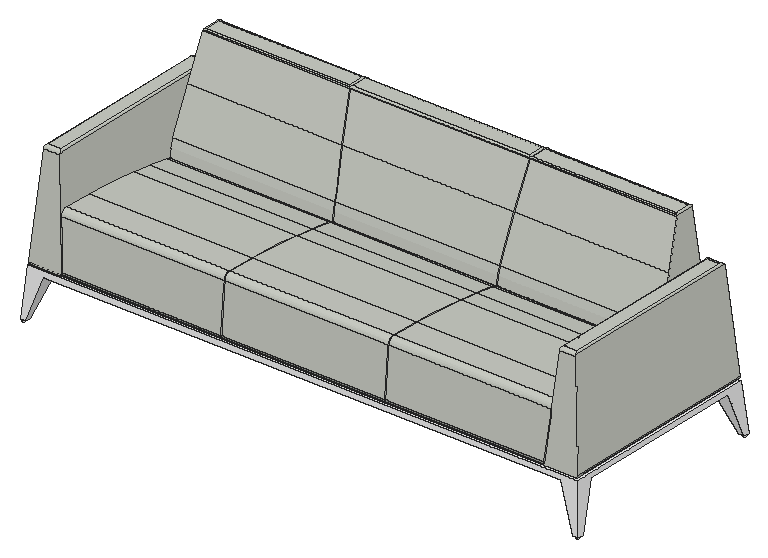
Revit family "Elan_VertexOne_Sofa_84", category Furniture, Revit 2012
Parameters
  Width = 7' - 0"  # constant formula
  URL = "http://elanbydecca.com/"
  Upholstery [instance] = Furniture - DECCA (Elan) - Vertex - Upholstery
  Base [instance] = Furniture - DECCA (Elan) - Vertex - Base
  Product URL = "http://elanbydecca.com/PDFs/elan_tearsheet-vertex.pdf"
  Model = "VT LS515"
  Manufacturer = "Decca Contract"
  Height = 2' - 6"  # constant formula
  Description = "Vertex One Sofa"
  Depth = 2' - 8"  # constant formula
  Assembly Description = "Furniture & Accessories"
  Assembly Code = "E2020200"
Reference planes (in)
  plane 1 "Center Front/Back": y = -0.7524
  plane 2: z = 0
  plane 3 "Center Left/Right": x = 0
  plane 4 "L": x = -42
  plane 5 "R": x = 42
  plane 6 "F": y = -16.7524
  plane 7: y = 15.2476
  plane 8: through (-6.25338, 2.33237, 23.38953) normal (0.4297, -0.4297, 0.7941)
  plane 9: z = 30
  plane 10: z = 16
  plane 11: x = -41.36862
  plane 12: x = -38.58452
  plane 13: x = -41.22423
  plane 14: x = 41.36862
  plane 15: x = 41.22423
  plane 16: z = 6.69972
  plane 17 "BT": z = 7.44949
  plane 18: z = 7.70022
  plane 19: x = -36.25435
  plane 20: x = 36.25435
  plane 21: z = 23.5
  plane 22: y = 14.61374
  plane 23: y = 14.47183
  plane 24: y = -16.11854
  plane 25: y = -15.97663
  plane 26: z = 0.19972
  plane 27: through (-15.22423, -180, 0.19694) normal (-0.9397, 0, 0.342)
  plane 28: through (0, 14.47183, 0.19694) normal (0, 0.9391, 0.3436)
  plane 29: y = 11.81791
  plane 30: y = -13.32271
  plane 31: x = 38.58452
  plane 32: through (0, 13.25934, 22.69446) normal (0, 0.9964, 0.0844)
  plane 33: through (0, -15.40972, 15.47123) normal (0, 0.9964, -0.0847)
  plane 34: through (-10.60194, -180, 18.93287) normal (0.996, 0, -0.0897)
  plane 35: through (10.60194, -180, 18.93287) normal (0.996, 0, 0.0897)
  plane 36: through (-10.60194, -180, 13.06713) normal (-0.996, 0, -0.0897)
  plane 37: through (10.60194, -180, 13.06713) normal (-0.996, 0, 0.0897)
  plane 38: z = 30
  plane 39: through (0, -14.08862, 10.99599) normal (0, 0.1045, 0.9945)
Forms (in)
  Blend 1, solid, material "Furniture - DECCA (Elan) - Vertex - Base" <- "Base"
    base sketch origin (0, 0, 8.32075) x (0, -1, 0) y (1, 0, 0)
      loop
        line (-15.2476, -42) -> (-14.47183, -42) -> (-14.47183, -41.22423) -> (-15.2476, -41.22423) -> (-15.2476, -42)
    top sketch origin (0, 0, 8.32075) x (0, -1, 0) y (1, 0, 0)
      loop
        line (-14.61374, -41.36862) -> (-11.81791, -41.36862) -> (-11.81791, -38.58452) -> (-14.61374, -38.58452) -> (-14.61374, -41.36862)
    from -8.12381 to -0.87126
  Blend 2, solid, material "Furniture - DECCA (Elan) - Vertex - Base" <- "Base"
    base sketch origin (0, -1.5048, 8.32075) x (0, -1, 0) y (1, 0, 0)
      loop
        line (15.2476, -42) -> (15.2476, -41.22423) -> (14.47183, -41.22423) -> (14.47183, -42) -> (15.2476, -42)
    top sketch origin (0, -1.5048, 8.32075) x (0, -1, 0) y (1, 0, 0)
      loop
        line (14.61374, -41.36862) -> (14.61374, -38.58452) -> (11.81791, -38.58452) -> (11.81791, -41.36862) -> (14.61374, -41.36862)
    from -8.12381 to -0.87126
  Blend 3, solid, material "Furniture - DECCA (Elan) - Vertex - Base" <- "Base"
    base sketch origin (0, -1.5048, 8.32075) x (0, 1, 0) y (-1, 0, 0)
      loop
        line (-15.2476, -42) -> (-14.47183, -42) -> (-14.47183, -41.22423) -> (-15.2476, -41.22423) -> (-15.2476, -42)
    top sketch origin (0, -1.5048, 8.32075) x (0, 1, 0) y (-1, 0, 0)
      loop
        line (-14.61374, -41.36862) -> (-11.81791, -41.36862) -> (-11.81791, -38.58452) -> (-14.61374, -38.58452) -> (-14.61374, -41.36862)
    from -8.12381 to -0.87126
  Blend 4, solid, material "Furniture - DECCA (Elan) - Vertex - Base" <- "Base"
    base sketch origin (0, 0, 8.32075) x (0, 1, 0) y (-1, 0, 0)
      loop
        line (15.2476, -42) -> (15.2476, -41.22423) -> (14.47183, -41.22423) -> (14.47183, -42) -> (15.2476, -42)
    top sketch origin (0, 0, 8.32075) x (0, 1, 0) y (-1, 0, 0)
      loop
        line (14.61374, -41.36862) -> (14.61374, -38.58452) -> (11.81791, -38.58452) -> (11.81791, -41.36862) -> (14.61374, -41.36862)
    from -8.12381 to -0.87126
  Extrusion 5, solid, material "Furniture - DECCA (Elan) - Vertex - Base" <- "Base"
    sketch origin (0, 0, 0) x (0, 1, 0) y (0, 0, 1)
      loop
        line (14.67927, 6.69972) -> (14.61374, 7.44949) -> (11.81791, 7.44949) -> (11.81791, 6.69972) -> (14.67927, 6.69972)
    from -41.36862 to 41.36862
  Extrusion 6, solid, material "Furniture - DECCA (Elan) - Vertex - Base" <- "Base"
    sketch origin (0, -1.5048, 0) x (0, -1, 0) y (0, 0, -1)
      loop
        line (14.67927, -6.69972) -> (11.81791, -6.69972) -> (11.81791, -7.44949) -> (14.61374, -7.44949) -> (14.67927, -6.69972)
    from -41.36862 to 41.36862
  Extrusion 7, solid, material "Furniture - DECCA (Elan) - Vertex - Base" <- "Base"
    sketch origin (0, -16.42176, 0) x (1, 0, 0) y (0, 0, -1)
      loop
        line (-41.43389, -6.69972) -> (-41.36862, -7.44949) -> (-38.58452, -7.44949) -> (-38.58452, -6.69972) -> (-41.43389, -6.69972)
      loop
        line (41.36862, -7.44949) -> (41.43389, -6.69972) -> (38.58452, -6.69972) -> (38.58452, -7.44949) -> (41.36862, -7.44949)
    from 0.30321 to 31.0355
  Extrusion 8, solid, material "Furniture - DECCA (Elan) - Vertex - Base" <- "Base"
    sketch origin (0, 0, 8.32075) x (0, -1, 0) y (1, 0, 0)
      loop
        circle (16.43547, 41.68431) r 0.25
      loop
        circle (16.43547, -41.68431) r 0.25
      loop
        circle (-14.93067, -41.68431) r 0.25
      loop
        circle (-14.93067, 41.68431) r 0.25
    from -8.32075 to -8.12102
  Extrusion 9, solid, material "Furniture - DECCA (Elan) - Vertex - Upholstery" <- "Upholstery"
    sketch origin (0, -16.42176, 0) x (1, 0, 0) y (0, 0, -1)
      loop
        line (-39.76398, -23.5) -> (-37.859, -23.5)
        arc (-37.859, -23.5) -> (-37.69006, -23.43428) -> (-37.60994, -23.27168) r 0.25
        line (-37.60994, -23.27168) -> (-36.278, -7.9719)
        arc (-36.278, -7.9719) -> (-36.34278, -7.78128) -> (-36.52706, -7.70022) r 0.25
        line (-36.52706, -7.70022) -> (-41.09591, -7.70022)
        arc (-41.09591, -7.70022) -> (-41.2802, -7.78128) -> (-41.34497, -7.9719) r 0.25
        line (-41.34497, -7.9719) -> (-40.01304, -23.27168)
        arc (-40.01304, -23.27168) -> (-39.93292, -23.43428) -> (-39.76398, -23.5) r 0.25
      loop
        line (36.278, -7.9719) -> (37.60994, -23.27168)
        arc (37.60994, -23.27168) -> (37.69006, -23.43428) -> (37.859, -23.5) r 0.25
        line (37.859, -23.5) -> (39.76398, -23.5)
        arc (39.76398, -23.5) -> (39.93292, -23.43428) -> (40.01304, -23.27168) r 0.25
        line (40.01304, -23.27168) -> (41.34497, -7.9719)
        arc (41.34497, -7.9719) -> (41.2802, -7.78128) -> (41.09591, -7.70022) r 0.25
        line (41.09591, -7.70022) -> (36.52706, -7.70022)
        arc (36.52706, -7.70022) -> (36.34278, -7.78128) -> (36.278, -7.9719) r 0.25
    from -0.33064 to 31.66936
  Extrusion 10, void
    sketch origin (0, 0, 0) x (0, 1, 0) y (0, 0, 1)
      loop
        line (14.55053, 7.44949) -> (16.4976, 7.44949) -> (16.4976, 30) -> (-18.0024, 30) -> (-18.0024, 7.44949) -> (-16.09189, 7.44949) -> (-14.76587, 23.04237)
        arc (-14.76587, 23.04237) -> (-14.60591, 23.36823) -> (-14.26767, 23.5) r 0.5
        line (-14.26767, 23.5) -> (12.73167, 23.5)
        arc (12.73167, 23.5) -> (13.06998, 23.36817) -> (13.22989, 23.0422) r 0.5
        line (13.22989, 23.0422) -> (14.55053, 7.44949)
    from -42 to 42
  Extrusion 11, solid, material "Furniture - DECCA (Elan) - Vertex - Upholstery" <- "Upholstery"
    sketch origin (0, 0, 0) x (0, 1, 0) y (0, 0, 1)
      loop
        line (12.41087, 30) -> (9.97402, 30)
        arc (9.97402, 30) -> (9.83242, 29.95603) -> (9.74063, 29.83959) r 0.25
        line (9.74063, 29.83959) -> (9.67423, 29.66662)
        arc (9.67423, 29.66662) -> (8.52817, 26.51784) -> (7.4927, 23.33098) r 96
        line (7.4927, 23.33098) -> (5.46904, 16.71189)
        arc (5.46904, 16.71189) -> (5.16239, 15.47882) -> (4.98785, 14.22024) r 12
        line (4.98785, 14.22024) -> (4.45645, 7.9714)
        arc (4.45645, 7.9714) -> (4.52143, 7.7811) -> (4.70555, 7.70022) r 0.25
        line (4.70555, 7.70022) -> (14.25723, 7.70022)
        arc (14.25723, 7.70022) -> (14.44131, 7.78107) -> (14.50633, 7.97132) r 0.25
        line (14.50633, 7.97132) -> (12.65997, 29.7711)
        arc (12.65997, 29.7711) -> (12.58002, 29.93409) -> (12.41087, 30) r 0.25
    from 0 to 38.58452
  Extrusion 12, void
    sketch origin (0, -16.42176, 0) x (1, 0, 0) y (0, 0, -1)
      loop
        line (13.53546, -29.77242) -> (12.463, -17.86399)
        arc (12.463, -17.86399) -> (12.35418, -16.25109) -> (12.31789, -14.63493) r 36
        line (12.31789, -14.63493) -> (12.31789, -7.44949) -> (-31.25, -7.44949) -> (-31.25, -31.75) -> (38.58452, -31.75) -> (38.58452, -7.70022) -> (36.25435, -7.70022) -> (36.83026, -14.3156)
        arc (36.83026, -14.3156) -> (36.85031, -15.39572) -> (36.8271, -16.47578) r 26.97487
        line (36.8271, -16.47578) -> (35.62574, -29.77242)
        arc (35.62574, -29.77242) -> (35.54541, -29.93453) -> (35.37675, -30) r 0.25
        line (35.37675, -30) -> (13.78445, -30)
        arc (13.78445, -30) -> (13.61579, -29.93453) -> (13.53546, -29.77242) r 0.25
    from 0 to 32.91936
  Extrusion 13, solid, material "Furniture - DECCA (Elan) - Vertex - Upholstery" <- "Upholstery"
    sketch origin (0, 0, 0) x (0, 1, 0) y (0, 0, 1)
      loop
        arc (4.96754, 13.98136) -> (4.89506, 14.23656) -> (4.67185, 14.37994) r 0.375
        line (4.67185, 14.37994) -> (4.26998, 14.46537)
        arc (4.26998, 14.46537) -> (2.72687, 14.75833) -> (1.17245, 14.98371) r 36
        line (1.17245, 14.98371) -> (-1.81029, 15.34995)
        arc (-1.81029, 15.34995) -> (-5.97767, 15.76958) -> (-10.15939, 16.00704) r 96
        line (-10.15939, 16.00704) -> (-14.39805, 16.15505)
        arc (-14.39805, 16.15505) -> (-15.09648, 15.90381) -> (-15.42935, 15.2404) r 1
        line (-15.42935, 15.2404) -> (-16.03598, 8.107)
        arc (-16.03598, 8.107) -> (-15.9385, 7.82154) -> (-15.66233, 7.70022) r 0.375
        line (-15.66233, 7.70022) -> (4.14633, 7.70022)
        arc (4.14633, 7.70022) -> (4.35773, 7.78258) -> (4.45771, 7.98624) r 0.3125
        line (4.45771, 7.98624) -> (4.96754, 13.98136)
    from 0 to 38.58452
  Sweep 14, solid, material "Furniture - DECCA (Elan) - Vertex - Base" <- "Base"
    path origin (0, 0, 7.44949) x (0, -1, 0) y (1, 0, 0)
      loop
        line (-11.81791, 38.58452) -> (-11.81791, -38.58452) -> (13.32271, -38.58452) -> (13.32271, 38.58452) -> (-11.81791, 38.58452)
    profile origin (0, 11.81791, 7.44949) x (0, -1, 0) y (0, 0, 1)
      loop
        line (-0.59791, 0) -> (-0.59791, 0.25073) -> (-2.59791, 0.25073) -> (-2.34718, 0) -> (-0.59791, 0)
  Extrusion 15, solid, material "Furniture - DECCA (Elan) - Vertex - Upholstery" <- "Upholstery"
    sketch origin (-23.58452, 0, 0) x (0, 1, 0) y (0, 0, 1)
      loop
        line (12.41087, 30) -> (9.97402, 30)
        arc (9.97402, 30) -> (9.83242, 29.95603) -> (9.74063, 29.83959) r 0.25
        line (9.74063, 29.83959) -> (9.67423, 29.66662)
        arc (9.67423, 29.66662) -> (8.52817, 26.51784) -> (7.4927, 23.33098) r 96
        line (7.4927, 23.33098) -> (5.46904, 16.71189)
        arc (5.46904, 16.71189) -> (5.16239, 15.47882) -> (4.98785, 14.22024) r 12
        line (4.98785, 14.22024) -> (4.45645, 7.9714)
        arc (4.45645, 7.9714) -> (4.52143, 7.7811) -> (4.70555, 7.70022) r 0.25
        line (4.70555, 7.70022) -> (14.25723, 7.70022)
        arc (14.25723, 7.70022) -> (14.44131, 7.78107) -> (14.50633, 7.97132) r 0.25
        line (14.50633, 7.97132) -> (12.65997, 29.7711)
        arc (12.65997, 29.7711) -> (12.58002, 29.93409) -> (12.41087, 30) r 0.25
    from -15 to 23.58452
  Extrusion 16, solid, material "Furniture - DECCA (Elan) - Vertex - Upholstery" <- "Upholstery"
    sketch origin (-23.58452, 0, 0) x (0, 1, 0) y (0, 0, 1)
      loop
        arc (4.96754, 13.98136) -> (4.89506, 14.23656) -> (4.67185, 14.37994) r 0.375
        line (4.67185, 14.37994) -> (4.26998, 14.46537)
        arc (4.26998, 14.46537) -> (2.72687, 14.75833) -> (1.17245, 14.98371) r 36
        line (1.17245, 14.98371) -> (-1.81029, 15.34995)
        arc (-1.81029, 15.34995) -> (-5.97767, 15.76958) -> (-10.15939, 16.00704) r 96
        line (-10.15939, 16.00704) -> (-14.39805, 16.15505)
        arc (-14.39805, 16.15505) -> (-15.09648, 15.90381) -> (-15.42935, 15.2404) r 1
        line (-15.42935, 15.2404) -> (-16.03598, 8.107)
        arc (-16.03598, 8.107) -> (-15.9385, 7.82154) -> (-15.66233, 7.70022) r 0.375
        line (-15.66233, 7.70022) -> (4.14633, 7.70022)
        arc (4.14633, 7.70022) -> (4.35773, 7.78258) -> (4.45771, 7.98624) r 0.3125
        line (4.45771, 7.98624) -> (4.96754, 13.98136)
    from -15 to 23.58452
  Extrusion 17, solid, material "Furniture - DECCA (Elan) - Vertex - Upholstery" <- "Upholstery"
    sketch origin (36.25, 0, 0) x (0, 1, 0) y (0, 0, 1)
      loop
        line (12.41087, 30) -> (9.97402, 30)
        arc (9.97402, 30) -> (9.83242, 29.95603) -> (9.74063, 29.83959) r 0.25
        line (9.74063, 29.83959) -> (9.67423, 29.66662)
        arc (9.67423, 29.66662) -> (8.52817, 26.51784) -> (7.4927, 23.33098) r 96
        line (7.4927, 23.33098) -> (5.46904, 16.71189)
        arc (5.46904, 16.71189) -> (5.16239, 15.47882) -> (4.98785, 14.22024) r 12
        line (4.98785, 14.22024) -> (4.45645, 7.9714)
        arc (4.45645, 7.9714) -> (4.52143, 7.7811) -> (4.70555, 7.70022) r 0.25
        line (4.70555, 7.70022) -> (14.25723, 7.70022)
        arc (14.25723, 7.70022) -> (14.44131, 7.78107) -> (14.50633, 7.97132) r 0.25
        line (14.50633, 7.97132) -> (12.65997, 29.7711)
        arc (12.65997, 29.7711) -> (12.58002, 29.93409) -> (12.41087, 30) r 0.25
    from -56.82895 to -14.20517
  Extrusion 18, solid, material "Furniture - DECCA (Elan) - Vertex - Upholstery" <- "Upholstery"
    sketch origin (46.75, 0, 0) x (0, 1, 0) y (0, 0, 1)
      loop
        arc (4.96754, 13.98136) -> (4.89506, 14.23656) -> (4.67185, 14.37994) r 0.375
        line (4.67185, 14.37994) -> (4.26998, 14.46537)
        arc (4.26998, 14.46537) -> (2.72687, 14.75833) -> (1.17245, 14.98371) r 36
        line (1.17245, 14.98371) -> (-1.81029, 15.34995)
        arc (-1.81029, 15.34995) -> (-5.97767, 15.76958) -> (-10.15939, 16.00704) r 96
        line (-10.15939, 16.00704) -> (-14.39805, 16.15505)
        arc (-14.39805, 16.15505) -> (-15.09648, 15.90381) -> (-15.42935, 15.2404) r 1
        line (-15.42935, 15.2404) -> (-16.03598, 8.107)
        arc (-16.03598, 8.107) -> (-15.9385, 7.82154) -> (-15.66233, 7.70022) r 0.375
        line (-15.66233, 7.70022) -> (4.14633, 7.70022)
        arc (4.14633, 7.70022) -> (4.35773, 7.78258) -> (4.45771, 7.98624) r 0.3125
        line (4.45771, 7.98624) -> (4.96754, 13.98136)
    from -67.32895 to -24.70517
  Extrusion 19, void
    sketch origin (0, -16.42176, 0) x (-1, 0, 0) y (0, 0, 1)
      loop
        arc (13.53537, 29.77242) -> (13.6157, 29.93453) -> (13.78436, 30) r 0.25
        line (13.78436, 30) -> (35.37675, 30)
        arc (35.37675, 30) -> (35.54539, 29.93455) -> (35.62573, 29.77248) r 0.25
        line (35.62573, 29.77248) -> (36.8271, 16.47578)
        arc (36.8271, 16.47578) -> (36.85031, 15.39572) -> (36.83026, 14.3156) r 26.97487
        line (36.83026, 14.3156) -> (36.25435, 7.70022) -> (38.58452, 7.70022) -> (38.58452, 31.75) -> (-31.25, 31.75) -> (-31.25, 7.44949) -> (12.318, 7.44949) -> (12.318, 14.63714)
        arc (12.318, 14.63714) -> (12.35429, 16.25329) -> (12.46311, 17.8662) r 36
        line (12.46311, 17.8662) -> (13.53537, 29.77242)
    from 0 to 32.91936
  Extrusion 20, void
    sketch origin (0.16548, -16.42176, 0) x (-1, 0, 0) y (0, 0, 1)
      loop
        line (13.6997, 29.7721) -> (12.62859, 17.86619)
        arc (12.62859, 17.86619) -> (12.51978, 16.25329) -> (12.48348, 14.63714) r 36
        line (12.48348, 14.63714) -> (12.48348, 7.70022) -> (26.41548, 7.70022) -> (26.41548, 31.75) -> (-28.96406, 31.75) -> (-28.96406, 7.70022) -> (-12.16693, 7.70022) -> (-12.16693, 14.63714)
        arc (-12.16693, 14.63714) -> (-12.19959, 16.25299) -> (-12.29752, 17.8662) r 39.98549
        line (-12.29752, 17.8662) -> (-13.366, 29.72777)
        arc (-13.366, 29.72777) -> (-13.30153, 29.91929) -> (-13.11663, 30.00083) r 0.25039
        line (-13.11663, 30.00083) -> (13.44926, 30.00083)
        arc (13.44926, 30.00083) -> (13.61885, 29.93504) -> (13.6997, 29.7721) r 0.25148
    from 0 to 32.91936
Cuts and joins
  Extrusion 10, Extrusion 19, Extrusion 20 cuts Blend 1
  Extrusion 10, Extrusion 19, Extrusion 20 cuts Blend 2
  Extrusion 10, Extrusion 19, Extrusion 20 cuts Blend 3
  Extrusion 10, Extrusion 19, Extrusion 20 cuts Blend 4
  Extrusion 10, Extrusion 19, Extrusion 20 cuts Extrusion 5
  Extrusion 10, Extrusion 19, Extrusion 20 cuts Extrusion 6
  Extrusion 10, Extrusion 19, Extrusion 20 cuts Extrusion 7
  Extrusion 10, Extrusion 19, Extrusion 20 cuts Extrusion 8
  Extrusion 20 cuts Sweep 14
  joined: Blend 1, Blend 2, Blend 3, Blend 4, Extrusion 5, Extrusion 6, Extrusion 7, Extrusion 8, Sweep 14
  Extrusion 10, Extrusion 20 cuts Extrusion 9
  Extrusion 12 cuts Extrusion 11
  Extrusion 12 cuts Extrusion 13
  Extrusion 19 cuts Extrusion 15
  Extrusion 19 cuts Extrusion 16
  Extrusion 20 cuts Extrusion 17
  Extrusion 20 cuts Extrusion 18
Lines and regions (in)
  model lines
    curve 1: line (41.36862, 14.61374, 7.44949) -> (38.85741, 14.67927, 6.69972)
    curve 2: line (-38.85741, 14.67927, 6.69972) -> (-41.36862, 14.61374, 7.44949)
    curve 3: line (41.36862, -16.11854, 7.44949) -> (41.43389, -13.59707, 6.69972)
    curve 4: line (41.43389, 12.09227, 6.69972) -> (41.36862, 14.61374, 7.44949)
    curve 5: line (-41.36862, 14.61374, 7.44949) -> (-41.43389, 12.09227, 6.69972)
    curve 6: line (-41.43389, -13.59707, 6.69972) -> (-41.36862, -16.11854, 7.44949)
    curve 7: line (38.85741, -16.18407, 6.69972) -> (41.36862, -16.11854, 7.44949)
    curve 8: line (-41.36862, -16.11854, 7.44949) -> (-38.85741, -16.18407, 6.69972)
Dimensions and locks (in)
  equal spacing: plane 4 "L", plane 3 "Center Left/Right", plane 5 "R"
  equal spacing: plane 7, plane 1 "Center Front/Back", plane 6 "F"
  "Width": plane 4 "L" to plane 5 "R"
  "Depth": plane 7 to plane 6 "F"
  "Height": plane 9 to level
  plane 18 to plane 17 "BT" to plane 16 to level = 0' - 0.25073" locked, 0' - 0.74977" locked, 0' - 6.69972" locked
  plane 12 to plane 13 to plane 11 to plane 4 "L" = 0' - 2.63971" locked, 0' - 0.14439" locked, 0' - 0.63138" locked
  locked: plane 19 to plane 4 "L" at 5.74565
  locked: plane 5 "R" to plane 20 at 5.74565
  locked: plane 10 to level at 16
  locked: plane 21 to level at 23.5
  locked: plane 26 to level at 0.19972
  plane 7 to plane 22 to plane 23 to plane 29 = 0' - 0.63386" locked, 0' - 0.14191" locked, 0' - 2.65392" locked
  plane 30 to plane 25 to plane 24 to plane 6 "F" = 0' - 2.65392" locked, 0' - 0.14191" locked, 0' - 0.63386" locked
  plane 31 to plane 15 to plane 14 to plane 5 "R" = 0' - 2.63971" locked, 0' - 0.14439" locked, 0' - 0.63138" locked
  aligned and locked: Blend 2 sketch curve to plane 4 "L"
  aligned and locked: Blend 2 sketch curve to plane 6 "F"
  aligned and locked: plane 13 to Blend 2 sketch curve
  aligned and locked: plane 25 to Blend 2 sketch curve
  aligned and locked: Blend 2 sketch curve to plane 24
  aligned and locked: plane 12 to Blend 2 sketch curve
  aligned and locked: plane 30 to Blend 2 sketch curve
  aligned and locked: Blend 2 sketch curve to plane 11
  aligned and locked: Blend 3 sketch curve to plane 25
  aligned and locked: Blend 3 sketch curve to plane 15
  aligned and locked: plane 6 "F" to Blend 3 sketch curve
  aligned and locked: plane 5 "R" to Blend 3 sketch curve
  aligned and locked: plane 24 to Blend 3 sketch curve
  aligned and locked: plane 14 to Blend 3 sketch curve
  aligned and locked: Blend 3 sketch curve to plane 31
  aligned and locked: Blend 3 sketch curve to plane 30
  aligned and locked: plane 7 to Blend 4 sketch curve
  aligned and locked: Blend 4 sketch curve to plane 5 "R"
  aligned and locked: plane 23 to Blend 4 sketch curve
  aligned and locked: plane 15 to Blend 4 sketch curve
  aligned and locked: Blend 4 sketch curve to plane 22
  aligned and locked: Blend 4 sketch curve to plane 14
  aligned and locked: plane 29 to Blend 4 sketch curve
  aligned and locked: plane 31 to Blend 4 sketch curve
  aligned and locked: Blend 1 to Extrusion 5 sketch curve
  aligned and locked: plane 16 to Extrusion 5 sketch curve
  aligned and locked: plane 17 "BT" to Extrusion 5 sketch curve
  aligned and locked: Extrusion 5 sketch curve to plane 29
  aligned and locked: Extrusion 5 to plane 11
  aligned and locked: Extrusion 5 to plane 14
  aligned and locked: Extrusion 6 to plane 11
  aligned and locked: Extrusion 6 to plane 14
  aligned and locked: plane 12 to Extrusion 7 sketch curve
  aligned and locked: plane 16 to Extrusion 7 sketch curve
  aligned and locked: plane 17 "BT" to Extrusion 7 sketch curve
  aligned and locked: Extrusion 7 sketch curve to plane 16
  aligned and locked: Extrusion 7 sketch curve to plane 17 "BT"
  aligned and locked: Extrusion 7 sketch curve to plane 31
  aligned and locked: Extrusion 7 to plane 22
  aligned and locked: Extrusion 7 to plane 24
  aligned and locked: Extrusion 8 to level
  aligned and locked: Extrusion 8 to plane 26
  aligned and locked: plane 21 to Extrusion 9 sketch curve  (x2)
  aligned and locked: plane 18 to Extrusion 9 sketch curve
  aligned and locked: Extrusion 10 sketch curve to plane 32
  aligned and locked: plane 9 to Extrusion 10 sketch curve
  aligned and locked: plane 17 "BT" to Extrusion 10 sketch curve
  aligned and locked: plane 33 to Extrusion 10 sketch curve
  aligned and locked: Extrusion 10 to plane 4 "L"
  aligned and locked: Extrusion 10 to plane 5 "R"
  aligned and locked: Extrusion 9 sketch curve to plane 18
  aligned and locked: plane 9 to Extrusion 11 sketch curve
  aligned and locked: plane 32 to Extrusion 11 sketch curve
  aligned and locked: plane 18 to Extrusion 11 sketch curve
  aligned: Extrusion 11 to plane 12
  aligned and locked: plane 17 "BT" to Extrusion 12 sketch curve
  aligned and locked: plane 9 to Extrusion 12 sketch curve
  aligned and locked: Extrusion 12 sketch curve to plane 18
  aligned and locked: plane 18 to Extrusion 13 sketch curve
  aligned and locked: plane 33 to Extrusion 13 sketch curve
  aligned: Extrusion 13 to plane 12
  aligned and locked: plane 29 to Sweep 14 sketch curve
  aligned and locked: Sweep 14 sketch curve to plane 30
  aligned and locked: Sweep 14 sketch curve to plane 31
  aligned and locked: plane 12 to Sweep 14 sketch curve
  aligned and locked: plane 21 to Extrusion 10 sketch curve
Automatic sketch dimensions
  Blend 1 sketch curve to plane 7 = 0' - 0"
  Blend 1 sketch curve to plane 4 "L" = 0' - 0"
  plane 23 to Blend 1 sketch curve = 0' - 0"
  Blend 1 sketch curve to plane 13 = 0' - 0"
  Blend 1 sketch curve to plane 12 = 0' - 0"
  plane 22 to Blend 1 sketch curve = 0' - 0"
  Blend 1 sketch curve to plane 11 = 0' - 0"
  plane 29 to Blend 1 sketch curve = 0' - 0"
  Extrusion 5 to curve 1 = 0' - 0"  (x2)
  Extrusion 5 to curve 2 = 0' - 0"
  curve 1 to Extrusion 5 = 0' - 0"
  curve 2 to Extrusion 5 = 0' - 0"  (x2)
  Extrusion 5 to curve 2 = 0' - 2.51122"
  Extrusion 5 to curve 1 = 0' - 2.51122"
  plane 17 "BT" to Extrusion 6 sketch curve = 0' - 0"
  Extrusion 6 sketch curve to plane 30 = 0' - 0"
  plane 16 to Extrusion 6 sketch curve = 0' - 0"
  Extrusion 6 sketch curve to plane 24 = 0' - 0"
  plane 24 to Extrusion 6 sketch curve = 0' - 0.06553"
  Extrusion 7 sketch curve to plane 11 = 0' - 0"
  plane 11 to Extrusion 7 sketch curve = 0' - 0.06527"
  Extrusion 7 sketch curve to plane 14 = 0' - 0"
  plane 14 to Extrusion 7 sketch curve = 0' - 0.06527"
  curve 3 to Blend 4 = 0' - 0"
  Blend 4 to curve 4 = 0' - 0"
  curve 4 to Blend 4 = 0' - 0"  (x2)
  Blend 4 to curve 4 = 0' - 0.7526"
  Blend 4 to curve 3 = 0' - 0.7526"
  curve 3 to curve 4 = 2' - 1.68934"
  curve 3 to curve 3 = 0' - 2.52147"
  curve 5 to Blend 1 = 0' - 0"
  Blend 1 to curve 5 = 0' - 0"  (x2)
  curve 6 to Blend 1 = 0' - 0"
  Blend 1 to curve 5 = 0' - 0.7526"
  Blend 1 to curve 6 = 0' - 0.7526"
  curve 5 to curve 6 = 2' - 1.68934"
  curve 6 to curve 6 = 0' - 2.52147"
  Blend 2 to curve 8 = 0' - 0"  (x2)
  Blend 2 to curve 7 = 0' - 0"
  curve 8 to Blend 2 = 0' - 0"
  Blend 2 to curve 8 = 0' - 0.75262"
  Blend 2 to curve 7 = 0' - 0.75262"
  curve 8 to curve 7 = 6' - 5.71482"
  curve 7 to curve 7 = 0' - 2.51122"
  Extrusion 8 sketch curve to plane 7 = 0' - 0.31693"  (x2)
  plane 6 "F" to Extrusion 8 sketch curve = 0' - 0.31693"  (x2)
  plane 4 "L" to Extrusion 8 sketch curve = 0' - 0.31569"  (x2)
  plane 5 "R" to Extrusion 8 sketch curve = 0' - 0.31569"  (x2)
  Extrusion 9 sketch curve to plane 11 = 0' - 0.02365"
  Extrusion 9 sketch curve to plane 13 = 0' - 0.12832"
  plane 21 to Extrusion 9 sketch curve = 0' - 0.22832"  (x2)
  Extrusion 9 sketch curve to plane 13 = 0' - 1.21119"
  Extrusion 9 sketch curve to Extrusion 9 sketch curve = 0' - 0.24906"  (x5)
  Extrusion 9 sketch curve to plane 12 = 0' - 0.72552"
  Extrusion 9 sketch curve to plane 19 = 0' - 0.27271"
  Extrusion 9 sketch curve to plane 19 = 0' - 0.02365"
  Extrusion 9 sketch curve to plane 20 = 0' - 0.02365"
  Extrusion 9 sketch curve to plane 31 = 0' - 0.97458"
  plane 31 to Extrusion 9 sketch curve = 0' - 1.17946"
  Extrusion 9 sketch curve to plane 15 = 0' - 0.12832"
  Extrusion 9 sketch curve to plane 14 = 0' - 0.02365"
  Extrusion 9 sketch curve to Extrusion 9 sketch curve = 0' - 0 1/4"  (x6)
  plane 17 "BT" to Extrusion 10 sketch curve = 0' - 0"
  Extrusion 10 sketch curve to plane 6 "F" = 0' - 1 1/4"
  Extrusion 10 sketch curve to plane 21 = 0' - 0.45763"
  Extrusion 10 sketch curve to Extrusion 10 sketch curve = 0' - 0.4982"
  Extrusion 10 sketch curve to plane 21 = 0' - 0 1/2"
  Extrusion 10 sketch curve to plane 21 = 0' - 0.4578"
  plane 7 to Extrusion 10 sketch curve = 0' - 1 1/4"
  Extrusion 11 sketch curve to plane 18 = 0' - 0.27118"
  Extrusion 11 sketch curve to plane 1 "Center Front/Back" = 0' - 5.20885"
  Extrusion 11 sketch curve to Extrusion 11 sketch curve = 0' - 0.2491"
  Extrusion 11 sketch curve to plane 10 = 0' - 1.77976"
  Extrusion 11 sketch curve to plane 1 "Center Front/Back" = 0' - 5.74025"
  plane 10 to Extrusion 11 sketch curve = 0' - 0.71189"
  Extrusion 11 sketch curve to Extrusion 11 sketch curve = 0' - 0.48119"
  Extrusion 11 sketch curve to plane 21 = 0' - 0.16902"
  plane 29 to Extrusion 11 sketch curve = 0' - 4.32522"
  Extrusion 11 sketch curve to plane 9 = 0' - 0.33338"
  Extrusion 11 sketch curve to Extrusion 11 sketch curve = 0' - 2.18154"
  Extrusion 11 sketch curve to plane 9 = 0' - 0.16041"
  Extrusion 11 sketch curve to Extrusion 11 sketch curve = 0' - 0 17/256"
  Extrusion 11 sketch curve to Extrusion 11 sketch curve = 0' - 0.2334"
  Extrusion 11 sketch curve to plane 9 = 0' - 0 1/4"
  Extrusion 11 sketch curve to plane 9 = 0' - 0.2289"
  plane 23 to Extrusion 11 sketch curve = 0' - 0.21461"
  Extrusion 11 sketch curve to plane 23 = 0' - 0.0345"
  plane 7 to Extrusion 11 sketch curve = 0' - 1.69709"
  Extrusion 11 sketch curve to level = 0' - 4.73671"
  Extrusion 13 sketch curve to plane 25 = 0' - 0.05935"
  plane 25 to Extrusion 13 sketch curve = 0' - 0.3143"
  plane 25 to Extrusion 13 sketch curve = 0' - 0.54728"
  Extrusion 13 sketch curve to Extrusion 13 sketch curve = 0' - 0.9964"
  plane 10 to Extrusion 13 sketch curve = 0' - 0.15505"
  Extrusion 13 sketch curve to Extrusion 13 sketch curve = 0' - 0.0349"
  Extrusion 13 sketch curve to plane 30 = 0' - 0.18703"
  plane 10 to Extrusion 13 sketch curve = 0' - 0.00704"
  plane 30 to Extrusion 13 sketch curve = 0' - 3.16332"
  plane 1 "Center Front/Back" to Extrusion 13 sketch curve = 0' - 2.46245"
  Extrusion 13 sketch curve to plane 10 = 0' - 0.65005"
  plane 1 "Center Front/Back" to Extrusion 13 sketch curve = 0' - 1.05789"
  Extrusion 13 sketch curve to plane 10 = 0' - 1.01629"
  Extrusion 13 sketch curve to plane 1 "Center Front/Back" = 0' - 1.92485"
  Extrusion 13 sketch curve to plane 18 = 0' - 0 5/16"
  Extrusion 13 sketch curve to plane 1 "Center Front/Back" = 0' - 4.89873"
  Extrusion 13 sketch curve to plane 10 = 0' - 1.53463"
  Extrusion 13 sketch curve to Extrusion 13 sketch curve = 0' - 3.09752"
  Extrusion 13 sketch curve to plane 18 = 0' - 0.28602"
  Extrusion 13 sketch curve to Extrusion 13 sketch curve = 0' - 0.32391"
  Extrusion 13 sketch curve to plane 10 = 0' - 1.62006"
  Extrusion 13 sketch curve to Extrusion 13 sketch curve = 0' - 0.07797"
  Extrusion 13 sketch curve to Extrusion 13 sketch curve = 0' - 0.37365"
  Extrusion 13 sketch curve to Extrusion 13 sketch curve = 0' - 0.39858"
  plane 17 "BT" to Sweep 14 sketch curve = 0' - 0"
  Sweep 14 sketch curve to plane 17 "BT" = 0' - 0.25073"
  profile plane to Sweep 14 sketch curve = 0' - 2.59791"
  Sweep 14 sketch curve to Sweep 14 sketch curve = 0' - 0.25073"
  profile plane to Sweep 14 sketch curve = 0' - 0.59791"
  plane 18 to Extrusion 15 sketch curve = 0' - 0"
  Extrusion 15 sketch curve to plane 9 = 0' - 0"
  Extrusion 15 sketch curve to plane 32 = 0' - 0"  (x2)
  Extrusion 15 sketch curve to plane 18 = 0' - 0.27118"
  Extrusion 15 sketch curve to plane 1 "Center Front/Back" = 0' - 5.20885"
  Extrusion 15 sketch curve to plane 18 = 0' - 0 1/4"
  Extrusion 15 sketch curve to plane 10 = 0' - 1.77976"
  Extrusion 15 sketch curve to plane 1 "Center Front/Back" = 0' - 5.74025"
  plane 10 to Extrusion 15 sketch curve = 0' - 0.71189"
  Extrusion 15 sketch curve to Extrusion 15 sketch curve = 0' - 0.48119"
  Extrusion 15 sketch curve to plane 21 = 0' - 0.16902"
  plane 29 to Extrusion 15 sketch curve = 0' - 4.32522"
  Extrusion 15 sketch curve to plane 9 = 0' - 0.33338"
  Extrusion 15 sketch curve to Extrusion 15 sketch curve = 0' - 2.18154"
  Extrusion 15 sketch curve to plane 9 = 0' - 0.16041"
  Extrusion 15 sketch curve to Extrusion 15 sketch curve = 0' - 0 17/256"
  Extrusion 15 sketch curve to Extrusion 15 sketch curve = 0' - 0.2334"
  Extrusion 15 sketch curve to plane 9 = 0' - 0 1/4"
  Extrusion 15 sketch curve to plane 9 = 0' - 0.2289"
  plane 23 to Extrusion 15 sketch curve = 0' - 0.21461"
  Extrusion 15 sketch curve to plane 23 = 0' - 0.0345"
  plane 7 to Extrusion 15 sketch curve = 0' - 1.69709"
  Extrusion 15 sketch curve to level = 0' - 4.73671"
  plane 33 to Extrusion 16 sketch curve = 0' - 0"  (x2)
  plane 18 to Extrusion 16 sketch curve = 0' - 0"
  Extrusion 16 sketch curve to plane 25 = 0' - 0.05935"
  plane 25 to Extrusion 16 sketch curve = 0' - 0.3143"
  plane 25 to Extrusion 16 sketch curve = 0' - 0.54728"
  Extrusion 16 sketch curve to Extrusion 16 sketch curve = 0' - 0.9964"
  plane 10 to Extrusion 16 sketch curve = 0' - 0.15505"
  Extrusion 16 sketch curve to Extrusion 16 sketch curve = 0' - 0.0349"
  Extrusion 16 sketch curve to plane 30 = 0' - 0.18703"
  plane 10 to Extrusion 16 sketch curve = 0' - 0.00704"
  plane 30 to Extrusion 16 sketch curve = 0' - 3.16332"
  plane 1 "Center Front/Back" to Extrusion 16 sketch curve = 0' - 2.46245"
  Extrusion 16 sketch curve to plane 10 = 0' - 0.65005"
  plane 1 "Center Front/Back" to Extrusion 16 sketch curve = 0' - 1.05789"
  Extrusion 16 sketch curve to plane 10 = 0' - 1.01629"
  Extrusion 16 sketch curve to plane 1 "Center Front/Back" = 0' - 1.92485"
  Extrusion 16 sketch curve to plane 18 = 0' - 0 5/16"
  Extrusion 16 sketch curve to plane 1 "Center Front/Back" = 0' - 4.89873"
  Extrusion 16 sketch curve to plane 10 = 0' - 1.53463"
  Extrusion 16 sketch curve to Extrusion 16 sketch curve = 0' - 3.09752"
  Extrusion 16 sketch curve to plane 18 = 0' - 0.28602"
  Extrusion 16 sketch curve to Extrusion 16 sketch curve = 0' - 0.32391"
  Extrusion 16 sketch curve to plane 10 = 0' - 1.62006"
  Extrusion 16 sketch curve to Extrusion 16 sketch curve = 0' - 0.07797"
  Extrusion 16 sketch curve to Extrusion 16 sketch curve = 0' - 0.37365"
  Extrusion 16 sketch curve to Extrusion 16 sketch curve = 0' - 0.39858"
  plane 18 to Extrusion 17 sketch curve = 0' - 0"
  Extrusion 17 sketch curve to plane 9 = 0' - 0"
  Extrusion 17 sketch curve to plane 32 = 0' - 0"  (x2)
  Extrusion 17 sketch curve to plane 18 = 0' - 0.27118"
  Extrusion 17 sketch curve to plane 1 "Center Front/Back" = 0' - 5.20885"
  Extrusion 17 sketch curve to Extrusion 17 sketch curve = 0' - 0.2491"
  Extrusion 17 sketch curve to plane 10 = 0' - 1.77976"
  Extrusion 17 sketch curve to plane 1 "Center Front/Back" = 0' - 5.74025"
  plane 10 to Extrusion 17 sketch curve = 0' - 0.71189"
  Extrusion 17 sketch curve to Extrusion 17 sketch curve = 0' - 0.48119"
  Extrusion 17 sketch curve to plane 21 = 0' - 0.16902"
  plane 29 to Extrusion 17 sketch curve = 0' - 4.32522"
  Extrusion 17 sketch curve to plane 9 = 0' - 0.33338"
  Extrusion 17 sketch curve to Extrusion 17 sketch curve = 0' - 2.18154"
  Extrusion 17 sketch curve to plane 9 = 0' - 0.16041"
  Extrusion 17 sketch curve to Extrusion 17 sketch curve = 0' - 0 17/256"
  Extrusion 17 sketch curve to Extrusion 17 sketch curve = 0' - 0.2334"
  Extrusion 17 sketch curve to plane 9 = 0' - 0 1/4"
  Extrusion 17 sketch curve to plane 9 = 0' - 0.2289"
  plane 23 to Extrusion 17 sketch curve = 0' - 0.21461"
  Extrusion 17 sketch curve to plane 23 = 0' - 0.0345"
  plane 7 to Extrusion 17 sketch curve = 0' - 1.69709"
  Extrusion 17 sketch curve to level = 0' - 4.73671"
  plane 33 to Extrusion 18 sketch curve = 0' - 0"  (x2)
  plane 18 to Extrusion 18 sketch curve = 0' - 0"
  Extrusion 18 sketch curve to plane 25 = 0' - 0.05935"
  plane 25 to Extrusion 18 sketch curve = 0' - 0.3143"
  plane 25 to Extrusion 18 sketch curve = 0' - 0.54728"
  Extrusion 18 sketch curve to Extrusion 18 sketch curve = 0' - 0.9964"
  plane 10 to Extrusion 18 sketch curve = 0' - 0.15505"
  Extrusion 18 sketch curve to Extrusion 18 sketch curve = 0' - 0.0349"
  Extrusion 18 sketch curve to plane 30 = 0' - 0.18703"
  plane 10 to Extrusion 18 sketch curve = 0' - 0.00704"
  plane 30 to Extrusion 18 sketch curve = 0' - 3.16332"
  plane 1 "Center Front/Back" to Extrusion 18 sketch curve = 0' - 2.46245"
  Extrusion 18 sketch curve to plane 10 = 0' - 0.65005"
  plane 1 "Center Front/Back" to Extrusion 18 sketch curve = 0' - 1.05789"
  Extrusion 18 sketch curve to plane 10 = 0' - 1.01629"
  Extrusion 18 sketch curve to plane 1 "Center Front/Back" = 0' - 1.92485"
  Extrusion 18 sketch curve to plane 18 = 0' - 0 5/16"
  Extrusion 18 sketch curve to plane 1 "Center Front/Back" = 0' - 4.89873"
  Extrusion 18 sketch curve to plane 10 = 0' - 1.53463"
  Extrusion 18 sketch curve to Extrusion 18 sketch curve = 0' - 3.09752"
  Extrusion 18 sketch curve to plane 18 = 0' - 0.28602"
  Extrusion 18 sketch curve to Extrusion 18 sketch curve = 0' - 0.32391"
  Extrusion 18 sketch curve to plane 10 = 0' - 1.62006"
  Extrusion 18 sketch curve to Extrusion 18 sketch curve = 0' - 0.07797"
  Extrusion 18 sketch curve to Extrusion 18 sketch curve = 0' - 0.37365"
  Extrusion 18 sketch curve to Extrusion 18 sketch curve = 0' - 0.39858"
  Extrusion 19 sketch curve to plane 17 "BT" = 0' - 0"
  Extrusion 19 sketch curve to plane 9 = 0' - 0"
  Extrusion 19 sketch curve to plane 18 = 0' - 0"
  Extrusion 19 sketch curve to plane 19 = 0' - 0"
  plane 12 to Extrusion 19 sketch curve = 0' - 0"
  Extrusion 19 sketch curve to plane 9 = 0' - 0.22752"
  Extrusion 19 sketch curve to plane 19 = 0' - 0.62862"
  Extrusion 19 sketch curve to Extrusion 19 sketch curve = 0' - 0.24899"  (x2)
  Extrusion 19 sketch curve to plane 3 "Center Left/Right" = 1' - 1.78436"
  Extrusion 19 sketch curve to plane 9 = 0' - 0.22758"
  Extrusion 19 sketch curve to plane 21 = 0' - 5.6338"
  Extrusion 19 sketch curve to Extrusion 19 sketch curve = 0' - 1.07226"
  Extrusion 19 sketch curve to plane 18 = 0' - 6.93691"
  Extrusion 19 sketch curve to Extrusion 19 sketch curve = 0' - 0.14511"
  Extrusion 19 sketch curve to plane 10 = 0' - 0.64367"
  Extrusion 19 sketch curve to Extrusion 19 sketch curve = 0' - 2.44252"
  plane 9 to Extrusion 19 sketch curve = 0' - 1 3/4"
  Extrusion 19 sketch curve to plane 20 = 0' - 5.00435"
  plane 19 to Extrusion 19 sketch curve = 0' - 0.57275"
  plane 19 to Extrusion 19 sketch curve = 0' - 0.57591"
  Extrusion 19 sketch curve to plane 10 = 0' - 1.6844"
  Extrusion 12 sketch curve to plane 20 = 0' - 0"
  plane 31 to Extrusion 12 sketch curve = 0' - 0"
  plane 9 to Extrusion 12 sketch curve = 0' - 0.22758"  (x2)
  plane 20 to Extrusion 12 sketch curve = 0' - 0.62861"
  Extrusion 12 sketch curve to Extrusion 12 sketch curve = 0' - 0.24899"  (x2)
  Extrusion 12 sketch curve to plane 3 "Center Left/Right" = 1' - 1.78445"
  plane 21 to Extrusion 12 sketch curve = 0' - 5.63601"
  Extrusion 12 sketch curve to Extrusion 12 sketch curve = 0' - 1.07246"
  plane 18 to Extrusion 12 sketch curve = 0' - 6.93471"
  Extrusion 12 sketch curve to Extrusion 12 sketch curve = 0' - 0.14511"
  plane 10 to Extrusion 12 sketch curve = 0' - 0.64367"
  Extrusion 12 sketch curve to Extrusion 12 sketch curve = 0' - 2.44241"
  Extrusion 12 sketch curve to plane 9 = 0' - 1 3/4"
  plane 19 to Extrusion 12 sketch curve = 0' - 5.00435"
  Extrusion 12 sketch curve to plane 20 = 0' - 0.57275"
  Extrusion 12 sketch curve to plane 20 = 0' - 0.57591"
  plane 10 to Extrusion 12 sketch curve = 0' - 1.6844"
  Extrusion 20 sketch curve to plane 18 = 0' - 0"  (x2)
  plane 9 to Extrusion 20 sketch curve = 0' - 0.00083"
  Extrusion 20 sketch curve to plane 10 = 0' - 1.36286"  (x2)
  Extrusion 20 sketch curve to plane 5 "R" = 0' - 10.3179"
  Extrusion 20 sketch curve to plane 20 = 0' - 7.12481"
  Extrusion 20 sketch curve to plane 9 = 0' - 0.27223"
  Extrusion 20 sketch curve to Extrusion 20 sketch curve = 0' - 0.24937"
  Extrusion 20 sketch curve to plane 3 "Center Left/Right" = 1' - 0.318"
  plane 10 to Extrusion 20 sketch curve = 0' - 1.86619"
  Extrusion 20 sketch curve to Extrusion 20 sketch curve = 0' - 0.14511"
  Extrusion 20 sketch curve to plane 3 "Center Left/Right" = 1' - 1.28377"
  Extrusion 20 sketch curve to Extrusion 20 sketch curve = 0' - 0.25045"
  plane 9 to Extrusion 20 sketch curve = 0' - 1 3/4"
  Extrusion 20 sketch curve to plane 19 = 0' - 10.00435"
  Extrusion 20 sketch curve to Extrusion 20 sketch curve = 0' - 0.25148"
  plane 3 "Center Left/Right" to Extrusion 20 sketch curve = 1' - 1.53148"
  plane 10 to Extrusion 20 sketch curve = 0' - 1.8662"
  Extrusion 20 sketch curve to Extrusion 20 sketch curve = 0' - 1.06847"
  radius of Extrusion 8 sketch curve = 0' - 0 1/4"  (x4)
